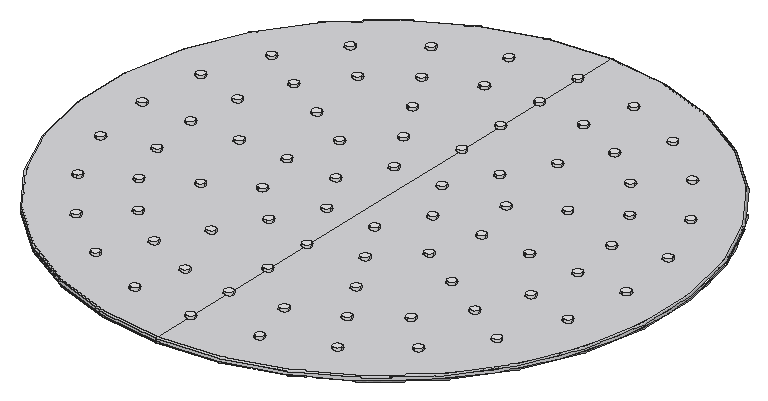
Revit family "Shower-Showerhead-KOHLER-Xpress-K-73039M", category Plumbing Fixtures, host Face, Revit 2015
Parameters (values of type "CP-Polished Chrome")
  Width = 10"  # constant formula
  WaterSense Certified = 1 = 0  # no
  Waste Water Outlet = "Waste Water Outlet"  # constant formula
  Waste Connection = 1 = 0  # no
  Vent Connection = 1 = 0  # no
  URL = "https://la.kohler.com/en?country=MX"
  Tempered Water Inlet = "Tempered Water Inlet"  # constant formula
  Product Page URL = "https://la.kohler.com/en/product-detail/73039m-l?skuid=K-73039M-L-CP"
  Product Name = "Xpress"  # constant formula
  Product Documentation Link = "http://resources.kohler.com/plumbing/kohlerla/pdf/ri_99888t_l_cp.pdf"
  Panel Thickness = 0"
  Model = "K-73039M-L-CP"  # constant formula
  Material = "Premium Metal Construction"  # constant formula
  MasterFormat 2004 = "22.41.23"  # constant formula
  MasterFormat 1995 = "15410"  # constant formula
  Manufacturer Address = "444 Highland Dr, Kohler, WI 53044"  # constant formula
  Manufacturer = "KOHLER Co."  # constant formula
  Length = 10"  # constant formula
  Hot Water Inlet = "Hot Water Inlet"  # constant formula
  Height = 2 89/256"  # constant formula
  HW Connection = 1 = 1  # yes
  Finish = Kohler-Metal-CP-Polished_Chrome
  Environmental Product Declaration = ""
  Drain Included = 1 = 0  # no
  Description = "254mm round thin showerhead"  # constant formula
  Default Elevation = 0"
  Declare Label = ""
  Date Modified = "08/01/2019"  # constant formula
  Date Created = "08/01/2019"  # constant formula
  Copyright = "Copyright KOHLER Co."  # constant formula
  Contact Us = "https://la.kohler.com/en/contact-us-page"
  Cold Water Inlet = "Cold Water Inlet"  # constant formula
  CW Connection = 1 = 0  # no
  Assembly Code = "D2010700"
  ADA Compliant = 1 = 0  # no
Reference planes (in)
  plane 1 "Center (Front/Back)": y = 0
  plane 2: z = 0
  plane 3 "Center (Left/Right)": x = 0
  plane 4: y = 5
  plane 5: x = -5
  plane 6: x = 5
  plane 7: y = -5
  plane 8: z = 2.34766
  plane 9: z = 2.38354
Dimensions and locks (in)
  "Length": plane 5 to plane 6
  "Width": plane 7 to plane 4
  "Height": plane 8 to level
  aligned and locked: plane 2 to host face
  aligned and locked: level to host face
  aligned and locked: plane 8 to nested 1
Automatic sketch dimensions
  host sketch curve to host sketch curve = 96"  (x2)
Nested families (in)
  nested 1: "K-73039M" at (0, 0, 0), type "K-73039M"
Connectors (in)
  piping at (0, 0, 0.013), diameter 0.5, driven by "HW Connection", driven by "Tempered Water Inlet"
    settings: on nested 1, index 1, connector inside diameter 24", connector length 0", flow factor 0, pipe flow 0 GPM, pressure drop 0.00 psi, fitting loss kfactor 0, connector angle 0.00°, fixture units 0, engagement length 0", angle of deflection 0.00°, flow configuration 0, flow direction 1, fitting loss method 0, system type 19, joint type 0, gender type 0, connector reference index -1, connector utility 1, adjustable connector no, is connector primary yes, connector description "Tempered Water Inlet"
Definition of nested family "K-73039M"
  Parameters (values of type "K-73039M")
    Material = none
    Height = 2 89/256"  # constant formula
  Reference planes (in)
    plane 1 "Center (Front/Back)": y = 0
    plane 2: z = 0
    plane 3 "Center (Left/Right)": x = 0
    plane 4: x = -5
    plane 5: y = -5
    plane 6: y = 5
    plane 7: z = 2.34766
    plane 8: x = 5
    plane 9: z = 2.38354
  Forms (in)
    Revolve 1, solid, material <- "Material", detail levels medium+fine
      sketch origin (0, 0, 0) x (0, 1, 0) y (0, 0, 1)
        loop
          line (0, 0) -> (0.47626, 0)
          arc (0.47626, 0) -> (0.49029, 0.00581) -> (0.49611, 0.01985) r 0.01985
          line (0.49611, 0.01985) -> (0.49611, 0.5393)
          arc (0.49611, 0.5393) -> (0.45674, 0.66672) -> (0.35235, 0.74972) r 0.22588
          arc (0.35235, 0.74972) -> (0.30913, 0.80453) -> (0.33594, 0.86898) r 0.06893
          arc (0.33594, 0.86898) -> (0.39014, 0.91813) -> (0.43457, 0.97627) r 0.40314
          line (0.43457, 0.97627) -> (0.71805, 0.97627) -> (0.71805, 2.05705) -> (4.01801, 2.05705)
          arc (4.01801, 2.05705) -> (4.09923, 2.0638) -> (4.17822, 2.08386) r 0.49209
          line (4.17822, 2.08386) -> (4.6135, 2.23374)
          arc (4.6135, 2.23374) -> (4.67044, 2.2482) -> (4.72899, 2.25307) r 0.35472
          line (4.72899, 2.25307) -> (4.97971, 2.25307)
          arc (4.97971, 2.25307) -> (4.99406, 2.25901) -> (5, 2.27336) r 0.02029
          line (5, 2.27336) -> (5, 2.32718)
          arc (5, 2.32718) -> (4.994, 2.34166) -> (4.97952, 2.34766) r 0.02048
          line (4.97952, 2.34766) -> (0, 2.34766) -> (0, 0)
        axis (0, 0) -> (0, 2.34766)
      angle from 0 to 360
    Extrusion 2, void
      sketch origin (0, 0, 0) x (0, 1, 0) y (0, 0, 1)
        loop
          line (0.68946, 0.96526) -> (0.73837, 0.96526) -> (0.73837, 1.44892) -> (0.68946, 1.44892) -> (0.68946, 0.96526)
        loop
          line (-0.68946, 0.96526) -> (-0.68946, 1.44892) -> (-0.73837, 1.44892) -> (-0.73837, 0.96526) -> (-0.68946, 0.96526)
      from -0.91683 to 0.97123
    Extrusion 3, void
      sketch origin (0, 0, 0) x (1, 0, 0) y (0, 0, 1)
        loop
          line (0.45664, 0.16946) -> (0.53148, 0.09462) -> (0.53148, 0.72622) -> (0.45664, 0.72622) -> (0.45664, 0.16946)
        loop
          line (-0.45664, 0.16946) -> (-0.45664, 0.72622) -> (-0.53148, 0.72622) -> (-0.53148, 0.09462) -> (-0.45664, 0.16946)
      from -3 to 3
    Extrusion 4, solid, detail levels medium+fine
      sketch origin (0, 0, 0) x (1, 0, 0) y (0, 1, 0)
        loop
          circle (-0.00011, 4.2518) r 0.07179
        loop
          circle (-1.09641, 4.10685) r 0.07179
        loop
          circle (-2.1239, 3.68354) r 0.07179
        loop
          circle (-3.00461, 3.00753) r 0.07179
        loop
          circle (-3.68042, 2.12683) r 0.07179
        loop
          circle (-4.1057, 1.10028) r 0.07179
        loop
          circle (-4.25035, -0.00073) r 0.07179
        loop
          circle (-3.39829, 0.00077) r 0.07179
        loop
          circle (-3.28478, 0.88258) r 0.07179
        loop
          circle (-2.94793, 1.69923) r 0.07179
        loop
          circle (-2.39579, 2.40594) r 0.07179
        loop
          circle (-1.69504, 2.93399) r 0.07179
        loop
          circle (-0.87075, 3.28388) r 0.07179
        loop
          circle (0, 3.40626) r 0.07179
        loop
          circle (-1.27271, 2.20951) r 0.07179
        loop
          circle (-2.20591, 1.27632) r 0.07179
        loop
          circle (-2.5479, 0) r 0.07179
        loop
          circle (-1.46501, 0.84604) r 0.07179
        loop
          circle (-1.70761, 0) r 0.07179
        loop
          circle (-0.84996, 0) r 0.07179
        loop
          circle (-0.42143, 0.74223) r 0.07179
        loop
          circle (-0.84532, 1.47642) r 0.07179
        loop
          circle (0, 1.70293) r 0.07179
        loop
          circle (0, 2.55396) r 0.07179
        loop
          circle (1.09641, 4.10685) r 0.07179
        loop
          circle (2.1239, 3.68354) r 0.07179
        loop
          circle (3.00461, 3.00753) r 0.07179
        loop
          circle (3.68042, 2.12683) r 0.07179
        loop
          circle (4.1057, 1.10028) r 0.07179
        loop
          circle (3.28478, 0.88258) r 0.07179
        loop
          circle (2.94793, 1.69923) r 0.07179
        loop
          circle (2.39579, 2.40594) r 0.07179
        loop
          circle (1.69504, 2.93399) r 0.07179
        loop
          circle (0.87075, 3.28388) r 0.07179
        loop
          circle (1.27271, 2.20951) r 0.07179
        loop
          circle (2.20591, 1.27632) r 0.07179
        loop
          circle (1.46501, 0.84604) r 0.07179
        loop
          circle (0.42143, 0.74223) r 0.07179
        loop
          circle (0.84532, 1.47642) r 0.07179
        loop
          circle (-0.00011, -4.2518) r 0.07179
        loop
          circle (-1.09641, -4.10685) r 0.07179
        loop
          circle (-2.1239, -3.68354) r 0.07179
        loop
          circle (-3.00461, -3.00753) r 0.07179
        loop
          circle (-3.68042, -2.12683) r 0.07179
        loop
          circle (-4.1057, -1.10028) r 0.07179
        loop
          circle (-3.28478, -0.88258) r 0.07179
        loop
          circle (-2.94793, -1.69923) r 0.07179
        loop
          circle (-2.39579, -2.40594) r 0.07179
        loop
          circle (-1.69504, -2.93399) r 0.07179
        loop
          circle (-0.87075, -3.28388) r 0.07179
        loop
          circle (0, -3.40626) r 0.07179
        loop
          circle (-1.27271, -2.20951) r 0.07179
        loop
          circle (-2.20591, -1.27632) r 0.07179
        loop
          circle (-1.46501, -0.84604) r 0.07179
        loop
          circle (-0.42143, -0.74223) r 0.07179
        loop
          circle (-0.84532, -1.47642) r 0.07179
        loop
          circle (0, -1.70293) r 0.07179
        loop
          circle (0, -2.55396) r 0.07179
        loop
          circle (1.09641, -4.10685) r 0.07179
        loop
          circle (2.1239, -3.68354) r 0.07179
        loop
          circle (3.00461, -3.00753) r 0.07179
        loop
          circle (3.68042, -2.12683) r 0.07179
        loop
          circle (4.1057, -1.10028) r 0.07179
        loop
          circle (3.28478, -0.88258) r 0.07179
        loop
          circle (2.94793, -1.69923) r 0.07179
        loop
          circle (2.39579, -2.40594) r 0.07179
        loop
          circle (1.69504, -2.93399) r 0.07179
        loop
          circle (0.87075, -3.28388) r 0.07179
        loop
          circle (1.27271, -2.20951) r 0.07179
        loop
          circle (2.20591, -1.27632) r 0.07179
        loop
          circle (1.46501, -0.84604) r 0.07179
        loop
          circle (0.42143, -0.74223) r 0.07179
        loop
          circle (0.84532, -1.47642) r 0.07179
        loop
          circle (4.25035, -0.00073) r 0.07179
        loop
          circle (3.39829, 0.00077) r 0.07179
        loop
          circle (2.5479, 0) r 0.07179
        loop
          circle (1.70761, 0) r 0.07179
        loop
          circle (0.84996, 0) r 0.07179
      from 2.29277 to 2.38234
    Extrusion 5, void
      sketch origin (0, 0, 0) x (1, 0, 0) y (0, 1, 0)
        loop
          circle (-0.00011, 4.2518) r 0.08263
        loop
          circle (-1.09641, 4.10685) r 0.08263
        loop
          circle (-2.1239, 3.68354) r 0.08263
        loop
          circle (-3.00461, 3.00753) r 0.08263
        loop
          circle (-3.68042, 2.12683) r 0.08263
        loop
          circle (-4.1057, 1.10028) r 0.08263
        loop
          circle (-4.25035, -0.00073) r 0.08263
        loop
          circle (-3.39829, 0.00077) r 0.08263
        loop
          circle (-2.5479, 0) r 0.08263
        loop
          circle (-1.70761, 0) r 0.08263
        loop
          circle (-0.84996, 0) r 0.08263
        loop
          circle (-0.42143, 0.74223) r 0.08263
        loop
          circle (-1.46501, 0.84604) r 0.08263
        loop
          circle (-2.20591, 1.27632) r 0.08263
        loop
          circle (-3.28478, 0.88258) r 0.08263
        loop
          circle (-2.94793, 1.69923) r 0.08263
        loop
          circle (-2.39579, 2.40594) r 0.08263
        loop
          circle (-1.69504, 2.93399) r 0.08263
        loop
          circle (-1.27271, 2.20951) r 0.08263
        loop
          circle (-0.84532, 1.47642) r 0.08263
        loop
          circle (0, 1.70293) r 0.08263
        loop
          circle (0, 2.55396) r 0.08263
        loop
          circle (0, 3.40626) r 0.08263
        loop
          circle (-0.87075, 3.28388) r 0.08263
        loop
          circle (1.09641, 4.10685) r 0.08263
        loop
          circle (2.1239, 3.68354) r 0.08263
        loop
          circle (3.00461, 3.00753) r 0.08263
        loop
          circle (3.68042, 2.12683) r 0.08263
        loop
          circle (4.1057, 1.10028) r 0.08263
        loop
          circle (0.42143, 0.74223) r 0.08263
        loop
          circle (1.46501, 0.84604) r 0.08263
        loop
          circle (2.20591, 1.27632) r 0.08263
        loop
          circle (3.28478, 0.88258) r 0.08263
        loop
          circle (2.94793, 1.69923) r 0.08263
        loop
          circle (2.39579, 2.40594) r 0.08263
        loop
          circle (1.69504, 2.93399) r 0.08263
        loop
          circle (1.27271, 2.20951) r 0.08263
        loop
          circle (0.84532, 1.47642) r 0.08263
        loop
          circle (0.87075, 3.28388) r 0.08263
        loop
          circle (-0.00011, -4.2518) r 0.08263
        loop
          circle (-1.09641, -4.10685) r 0.08263
        loop
          circle (-2.1239, -3.68354) r 0.08263
        loop
          circle (-3.00461, -3.00753) r 0.08263
        loop
          circle (-3.68042, -2.12683) r 0.08263
        loop
          circle (-4.1057, -1.10028) r 0.08263
        loop
          circle (-0.42143, -0.74223) r 0.08263
        loop
          circle (-1.46501, -0.84604) r 0.08263
        loop
          circle (-2.20591, -1.27632) r 0.08263
        loop
          circle (-3.28478, -0.88258) r 0.08263
        loop
          circle (-2.94793, -1.69923) r 0.08263
        loop
          circle (-2.39579, -2.40594) r 0.08263
        loop
          circle (-1.69504, -2.93399) r 0.08263
        loop
          circle (-1.27271, -2.20951) r 0.08263
        loop
          circle (-0.84532, -1.47642) r 0.08263
        loop
          circle (0, -1.70293) r 0.08263
        loop
          circle (0, -2.55396) r 0.08263
        loop
          circle (0, -3.40626) r 0.08263
        loop
          circle (-0.87075, -3.28388) r 0.08263
        loop
          circle (1.09641, -4.10685) r 0.08263
        loop
          circle (2.1239, -3.68354) r 0.08263
        loop
          circle (3.00461, -3.00753) r 0.08263
        loop
          circle (3.68042, -2.12683) r 0.08263
        loop
          circle (4.1057, -1.10028) r 0.08263
        loop
          circle (0.42143, -0.74223) r 0.08263
        loop
          circle (1.46501, -0.84604) r 0.08263
        loop
          circle (2.20591, -1.27632) r 0.08263
        loop
          circle (3.28478, -0.88258) r 0.08263
        loop
          circle (2.94793, -1.69923) r 0.08263
        loop
          circle (2.39579, -2.40594) r 0.08263
        loop
          circle (1.69504, -2.93399) r 0.08263
        loop
          circle (1.27271, -2.20951) r 0.08263
        loop
          circle (0.84532, -1.47642) r 0.08263
        loop
          circle (0.87075, -3.28388) r 0.08263
        loop
          circle (4.25035, -0.00073) r 0.08263
        loop
          circle (3.39829, 0.00077) r 0.08263
        loop
          circle (2.5479, 0) r 0.08263
        loop
          circle (1.70761, 0) r 0.08263
        loop
          circle (0.84996, 0) r 0.08263
      from 2.23685 to 2.46278
    Revolve 6, solid, material <- "Material", detail levels coarse
      sketch origin (0, 0, 0) x (0, 1, 0) y (0, 0, 1)
        loop
          line (0, 0) -> (0.47626, 0)
          arc (0.47626, 0) -> (0.49029, 0.00581) -> (0.49611, 0.01985) r 0.01985
          line (0.49611, 0.01985) -> (0.49611, 0.97627) -> (0.71805, 0.97627) -> (0.71805, 2.05705) -> (5, 2.05705) -> (5, 2.34766) -> (0, 2.34766) -> (0, 0)
        axis (0, 0) -> (0, 2.34766)
      angle from 0 to 360
    Extrusion 7, solid, material <- "Material", detail levels medium+fine
      sketch origin (0, 0, 0) x (1, 0, 0) y (0, 1, 0)
        loop
          circle (0, 0) r 0.05665
      from 0.00001 to 0.013
  Cuts and joins
    Extrusion 2, Extrusion 3, Extrusion 5 cuts Revolve 1
  Lines and regions (in)
    Masking region 1
      outline origin (0, 0, 0) x (1, 0, 0) y (0, 1, 0)
        loop
          circle (0, 0) r 5
    Masking region 2
      outline origin (0, 0, 0) x (1, 0, 0) y (0, 0, 1)
        loop
          line (0, 0) -> (0.47626, 0)
          arc (0.47626, 0) -> (0.49029, 0.00581) -> (0.49611, 0.01985) r 0.01985
          line (0.49611, 0.01985) -> (0.49611, 0.12999) -> (0.45664, 0.16946) -> (0.45664, 0.66686)
          arc (0.45664, 0.66686) -> (0.41074, 0.71615) -> (0.35235, 0.74972) r 0.22588
          arc (0.35235, 0.74972) -> (0.30913, 0.80453) -> (0.33594, 0.86898) r 0.06893
          arc (0.33594, 0.86898) -> (0.39014, 0.91813) -> (0.43457, 0.97627) r 0.40314
          line (0.43457, 0.97627) -> (0.71805, 0.97627) -> (0.71805, 2.05705) -> (4.0159, 2.05705)
          arc (4.0159, 2.05705) -> (4.09311, 2.06295) -> (4.16851, 2.08052) r 0.50794
          line (4.16851, 2.08052) -> (4.60411, 2.23051)
          arc (4.60411, 2.23051) -> (4.65895, 2.24544) -> (4.71527, 2.25307) r 0.43285
          line (4.71527, 2.25307) -> (4.97971, 2.25307)
          arc (4.97971, 2.25307) -> (4.99406, 2.25901) -> (5, 2.27336) r 0.02029
          line (5, 2.27336) -> (5, 2.32718)
          arc (5, 2.32718) -> (4.994, 2.34166) -> (4.97952, 2.34766) r 0.02048
          line (4.97952, 2.34766) -> (4.32213, 2.34766) -> (4.32213, 2.38354) -> (4.03392, 2.38354) -> (4.03392, 2.34766) -> (3.75341, 2.34766) -> (3.75341, 2.38354) -> (3.60863, 2.38354) -> (3.60863, 2.34766) -> (3.48091, 2.34766) -> (3.48091, 2.38354) -> (3.19269, 2.38354) -> (3.19269, 2.34766) -> (3.06542, 2.34766) -> (3.06542, 2.38354) -> (2.92064, 2.38354) -> (2.92064, 2.34766) -> (2.61281, 2.34766) -> (2.61281, 2.38354) -> (2.32459, 2.38354) -> (2.32459, 2.34766) -> (2.26584, 2.34766) -> (2.26584, 2.38354) -> (1.97762, 2.38354) -> (1.97762, 2.34766) -> (1.77767, 2.34766) -> (1.77767, 2.38354) -> (1.63289, 2.38354) -> (1.63289, 2.34766) -> (1.53752, 2.34766) -> (1.53752, 2.38354) -> (1.39274, 2.38354) -> (1.39274, 2.34766) -> (1.3461, 2.34766) -> (1.3461, 2.38354) -> (1.20132, 2.38354) -> (1.20132, 2.34766) -> (1.17033, 2.34766) -> (1.17033, 2.38354) -> (1.02555, 2.38354) -> (1.02555, 2.34766) -> (0.94316, 2.34766) -> (0.94316, 2.38354) -> (0.79838, 2.38354) -> (0.79838, 2.34766) -> (0.4965, 2.34766) -> (0.4965, 2.38354) -> (0.35172, 2.38354) -> (0.35172, 2.34766) -> (0.07418, 2.34766) -> (0.07418, 2.38354) -> (-0.0706, 2.38354) -> (-0.0706, 2.34766) -> (-0.35172, 2.34766) -> (-0.35172, 2.38354) -> (-0.4965, 2.38354) -> (-0.4965, 2.34766) -> (-0.79838, 2.34766) -> (-0.79838, 2.38354) -> (-0.94316, 2.38354) -> (-0.94316, 2.34766) -> (-1.02555, 2.34766) -> (-1.02555, 2.38354) -> (-1.17033, 2.38354) -> (-1.17033, 2.34766) -> (-1.20132, 2.34766) -> (-1.20132, 2.38354) -> (-1.3461, 2.38354) -> (-1.3461, 2.34766) -> (-1.39274, 2.34766) -> (-1.39274, 2.38354) -> (-1.53752, 2.38354) -> (-1.53752, 2.34766) -> (-1.63289, 2.34766) -> (-1.63289, 2.38354) -> (-1.77767, 2.38354) -> (-1.77767, 2.34766) -> (-1.97762, 2.34766) -> (-1.97762, 2.38354) -> (-2.26584, 2.38354) -> (-2.26584, 2.34766) -> (-2.32459, 2.34766) -> (-2.32459, 2.38354) -> (-2.61281, 2.38354) -> (-2.61281, 2.34766) -> (-2.92064, 2.34766) -> (-2.92064, 2.38354) -> (-3.06542, 2.38354) -> (-3.06542, 2.34766) -> (-3.19269, 2.34766) -> (-3.19269, 2.38354) -> (-3.48091, 2.38354) -> (-3.48091, 2.34766) -> (-3.60863, 2.34766) -> (-3.60863, 2.38354) -> (-3.75341, 2.38354) -> (-3.75341, 2.34766) -> (-4.03392, 2.34766) -> (-4.03392, 2.38354) -> (-4.32213, 2.38354) -> (-4.32213, 2.34766) -> (-4.97952, 2.34766)
          arc (-4.97952, 2.34766) -> (-4.994, 2.34166) -> (-5, 2.32718) r 0.02048
          line (-5, 2.32718) -> (-5, 2.27336)
          arc (-5, 2.27336) -> (-4.99406, 2.25901) -> (-4.97971, 2.25307) r 0.02029
          line (-4.97971, 2.25307) -> (-4.71527, 2.25307)
          arc (-4.71527, 2.25307) -> (-4.65895, 2.24544) -> (-4.60411, 2.23051) r 0.43285
          line (-4.60411, 2.23051) -> (-4.16851, 2.08052)
          arc (-4.16851, 2.08052) -> (-4.09311, 2.06295) -> (-4.0159, 2.05705) r 0.50794
          line (-4.0159, 2.05705) -> (-0.71805, 2.05705) -> (-0.71805, 0.97627) -> (-0.43457, 0.97627)
          arc (-0.43457, 0.97627) -> (-0.39014, 0.91813) -> (-0.33594, 0.86898) r 0.40314
          arc (-0.33594, 0.86898) -> (-0.30913, 0.80453) -> (-0.35235, 0.74972) r 0.06893
          arc (-0.35235, 0.74972) -> (-0.41074, 0.71615) -> (-0.45664, 0.66686) r 0.22588
          line (-0.45664, 0.66686) -> (-0.45664, 0.16946) -> (-0.49611, 0.12999) -> (-0.49611, 0.01985)
          arc (-0.49611, 0.01985) -> (-0.49029, 0.00581) -> (-0.47626, 0) r 0.01985
          line (-0.47626, 0) -> (0, 0)
    Masking region 3
      outline origin (0, 0, 0) x (0, 1, 0) y (0, 0, 1)
        loop
          line (0, 0) -> (0.47626, 0)
          arc (0.47626, 0) -> (0.49029, 0.00581) -> (0.49611, 0.01985) r 0.01985
          line (0.49611, 0.01985) -> (0.49611, 0.5393)
          arc (0.49611, 0.5393) -> (0.45674, 0.66672) -> (0.35235, 0.74972) r 0.22588
          arc (0.35235, 0.74972) -> (0.30913, 0.80453) -> (0.33594, 0.86898) r 0.06893
          arc (0.33594, 0.86898) -> (0.39014, 0.91813) -> (0.43457, 0.97627) r 0.40314
          line (0.43457, 0.97627) -> (0.68946, 0.97627) -> (0.68946, 1.44892) -> (0.71805, 1.49844) -> (0.71805, 2.05705) -> (4.0159, 2.05705)
          arc (4.0159, 2.05705) -> (4.09311, 2.06295) -> (4.16851, 2.08052) r 0.50794
          line (4.16851, 2.08052) -> (4.60411, 2.23051)
          arc (4.60411, 2.23051) -> (4.65895, 2.24544) -> (4.71527, 2.25307) r 0.43285
          line (4.71527, 2.25307) -> (4.97971, 2.25307)
          arc (4.97971, 2.25307) -> (4.99406, 2.25901) -> (5, 2.27336) r 0.02029
          line (5, 2.27336) -> (5, 2.32718)
          arc (5, 2.32718) -> (4.994, 2.34166) -> (4.97952, 2.34766) r 0.02048
          line (4.97952, 2.34766) -> (4.32213, 2.34766) -> (4.32213, 2.38354) -> (4.03392, 2.38354) -> (4.03392, 2.34766) -> (3.75341, 2.34766) -> (3.75341, 2.38354) -> (3.60863, 2.38354) -> (3.60863, 2.34766) -> (3.48091, 2.34766) -> (3.48091, 2.38354) -> (3.19269, 2.38354) -> (3.19269, 2.34766) -> (3.06542, 2.34766) -> (3.06542, 2.38354) -> (2.92064, 2.38354) -> (2.92064, 2.34766) -> (2.61281, 2.34766) -> (2.61281, 2.38354) -> (2.32459, 2.38354) -> (2.32459, 2.34766) -> (2.26584, 2.34766) -> (2.26584, 2.38354) -> (1.97762, 2.38354) -> (1.97762, 2.34766) -> (1.77767, 2.34766) -> (1.77767, 2.38354) -> (1.63289, 2.38354) -> (1.63289, 2.34766) -> (1.53752, 2.34766) -> (1.53752, 2.38354) -> (1.39274, 2.38354) -> (1.39274, 2.34766) -> (1.3461, 2.34766) -> (1.3461, 2.38354) -> (1.20132, 2.38354) -> (1.20132, 2.34766) -> (1.17033, 2.34766) -> (1.17033, 2.38354) -> (1.02555, 2.38354) -> (1.02555, 2.34766) -> (0.94316, 2.34766) -> (0.94316, 2.38354) -> (0.79838, 2.38354) -> (0.79838, 2.34766) -> (0.4965, 2.34766) -> (0.4965, 2.38354) -> (0.35172, 2.38354) -> (0.35172, 2.34766) -> (0.07418, 2.34766) -> (0.07418, 2.38354) -> (-0.0706, 2.38354) -> (-0.0706, 2.34766) -> (-0.35172, 2.34766) -> (-0.35172, 2.38354) -> (-0.4965, 2.38354) -> (-0.4965, 2.34766) -> (-0.79838, 2.34766) -> (-0.79838, 2.38354) -> (-0.94316, 2.38354) -> (-0.94316, 2.34766) -> (-1.02555, 2.34766) -> (-1.02555, 2.38354) -> (-1.17033, 2.38354) -> (-1.17033, 2.34766) -> (-1.20132, 2.34766) -> (-1.20132, 2.38354) -> (-1.3461, 2.38354) -> (-1.3461, 2.34766) -> (-1.39274, 2.34766) -> (-1.39274, 2.38354) -> (-1.53752, 2.38354) -> (-1.53752, 2.34766) -> (-1.63289, 2.34766) -> (-1.63289, 2.38354) -> (-1.77767, 2.38354) -> (-1.77767, 2.34766) -> (-1.97762, 2.34766) -> (-1.97762, 2.38354) -> (-2.26584, 2.38354) -> (-2.26584, 2.34766) -> (-2.32459, 2.34766) -> (-2.32459, 2.38354) -> (-2.61281, 2.38354) -> (-2.61281, 2.34766) -> (-2.92064, 2.34766) -> (-2.92064, 2.38354) -> (-3.06542, 2.38354) -> (-3.06542, 2.34766) -> (-3.19269, 2.34766) -> (-3.19269, 2.38354) -> (-3.48091, 2.38354) -> (-3.48091, 2.34766) -> (-3.60863, 2.34766) -> (-3.60863, 2.38354) -> (-3.75341, 2.38354) -> (-3.75341, 2.34766) -> (-4.03392, 2.34766) -> (-4.03392, 2.38354) -> (-4.32213, 2.38354) -> (-4.32213, 2.34766) -> (-4.97952, 2.34766)
          arc (-4.97952, 2.34766) -> (-4.994, 2.34166) -> (-5, 2.32718) r 0.02048
          line (-5, 2.32718) -> (-5, 2.27336)
          arc (-5, 2.27336) -> (-4.99406, 2.25901) -> (-4.97971, 2.25307) r 0.02029
          line (-4.97971, 2.25307) -> (-4.71527, 2.25307)
          arc (-4.71527, 2.25307) -> (-4.65895, 2.24544) -> (-4.60411, 2.23051) r 0.43285
          line (-4.60411, 2.23051) -> (-4.16851, 2.08052)
          arc (-4.16851, 2.08052) -> (-4.09311, 2.06295) -> (-4.0159, 2.05705) r 0.50794
          line (-4.0159, 2.05705) -> (-0.71805, 2.05705) -> (-0.71805, 1.49844) -> (-0.68946, 1.44892) -> (-0.68946, 0.97627) -> (-0.43457, 0.97627)
          arc (-0.43457, 0.97627) -> (-0.39014, 0.91813) -> (-0.33594, 0.86898) r 0.40314
          arc (-0.33594, 0.86898) -> (-0.30913, 0.80453) -> (-0.35235, 0.74972) r 0.06893
          arc (-0.35235, 0.74972) -> (-0.45674, 0.66672) -> (-0.49611, 0.5393) r 0.22588
          line (-0.49611, 0.5393) -> (-0.49611, 0.01985)
          arc (-0.49611, 0.01985) -> (-0.49029, 0.00581) -> (-0.47626, 0) r 0.01985
          line (-0.47626, 0) -> (0, 0)
    symbolic lines, detail levels medium+fine
      curve 1: circle (-0.00011, 4.2518, 0) r 0.07179 normal (0, 0, 1)
      curve 2: circle (-1.09641, 4.10685, 0) r 0.07179 normal (0, 0, 1)
      curve 3: circle (-2.1239, 3.68354, 0) r 0.07179 normal (0, 0, 1)
      curve 4: circle (-3.00461, 3.00753, 0) r 0.07179 normal (0, 0, 1)
      curve 5: circle (-3.68042, 2.12683, 0) r 0.07179 normal (0, 0, 1)
      curve 6: circle (-4.1057, 1.10028, 0) r 0.07179 normal (0, 0, 1)
      curve 7: circle (-4.25035, -0.00073, 0) r 0.07179 normal (0, 0, 1)
      curve 8: circle (-3.39829, 0.00077, 0) r 0.07179 normal (0, 0, 1)
      curve 9: circle (-3.28478, 0.88258, 0) r 0.07179 normal (0, 0, 1)
      curve 10: circle (-2.94793, 1.69923, 0) r 0.07179 normal (0, 0, 1)
      curve 11: circle (-2.39579, 2.40594, 0) r 0.07179 normal (0, 0, 1)
      curve 12: circle (-1.69504, 2.93399, 0) r 0.07179 normal (0, 0, 1)
      curve 13: circle (-0.87075, 3.28388, 0) r 0.07179 normal (0, 0, 1)
      curve 14: circle (0, 3.40626, 0) r 0.07179 normal (0, 0, 1)
      curve 15: circle (-1.27271, 2.20951, 0) r 0.07179 normal (0, 0, 1)
      curve 16: circle (-2.20591, 1.27632, 0) r 0.07179 normal (0, 0, 1)
      curve 17: circle (-2.5479, 0, 0) r 0.07179 normal (0, 0, 1)
      curve 18: circle (-1.46501, 0.84604, 0) r 0.07179 normal (0, 0, 1)
      curve 19: circle (-1.70761, 0, 0) r 0.07179 normal (0, 0, 1)
      curve 20: circle (-0.84996, 0, 0) r 0.07179 normal (0, 0, 1)
      curve 21: circle (-0.42143, 0.74223, 0) r 0.07179 normal (0, 0, 1)
      curve 22: circle (-0.84532, 1.47642, 0) r 0.07179 normal (0, 0, 1)
      curve 23: circle (0, 1.70293, 0) r 0.07179 normal (0, 0, 1)
      curve 24: circle (0, 2.55396, 0) r 0.07179 normal (0, 0, 1)
      curve 25: circle (1.09641, 4.10685, 0) r 0.07179 normal (0, 0, -1)
      curve 26: circle (2.1239, 3.68354, 0) r 0.07179 normal (0, 0, -1)
      curve 27: circle (3.00461, 3.00753, 0) r 0.07179 normal (0, 0, -1)
      curve 28: circle (3.68042, 2.12683, 0) r 0.07179 normal (0, 0, -1)
      curve 29: circle (4.1057, 1.10028, 0) r 0.07179 normal (0, 0, -1)
      curve 30: circle (3.28478, 0.88258, 0) r 0.07179 normal (0, 0, -1)
      curve 31: circle (2.94793, 1.69923, 0) r 0.07179 normal (0, 0, -1)
      curve 32: circle (2.39579, 2.40594, 0) r 0.07179 normal (0, 0, -1)
      curve 33: circle (1.69504, 2.93399, 0) r 0.07179 normal (0, 0, -1)
      curve 34: circle (0.87075, 3.28388, 0) r 0.07179 normal (0, 0, -1)
      curve 35: circle (1.27271, 2.20951, 0) r 0.07179 normal (0, 0, -1)
      curve 36: circle (2.20591, 1.27632, 0) r 0.07179 normal (0, 0, -1)
      curve 37: circle (1.46501, 0.84604, 0) r 0.07179 normal (0, 0, -1)
      curve 38: circle (0.42143, 0.74223, 0) r 0.07179 normal (0, 0, -1)
      curve 39: circle (0.84532, 1.47642, 0) r 0.07179 normal (0, 0, -1)
      curve 40: circle (-0.00011, -4.2518, 0) r 0.07179 normal (0, 0, -1)
      curve 41: circle (-1.09641, -4.10685, 0) r 0.07179 normal (0, 0, -1)
      curve 42: circle (-2.1239, -3.68354, 0) r 0.07179 normal (0, 0, -1)
      curve 43: circle (-3.00461, -3.00753, 0) r 0.07179 normal (0, 0, -1)
      curve 44: circle (-3.68042, -2.12683, 0) r 0.07179 normal (0, 0, -1)
      curve 45: circle (-4.1057, -1.10028, 0) r 0.07179 normal (0, 0, -1)
      curve 46: circle (-3.28478, -0.88258, 0) r 0.07179 normal (0, 0, -1)
      curve 47: circle (-2.94793, -1.69923, 0) r 0.07179 normal (0, 0, -1)
      curve 48: circle (-2.39579, -2.40594, 0) r 0.07179 normal (0, 0, -1)
      curve 49: circle (-1.69504, -2.93399, 0) r 0.07179 normal (0, 0, -1)
      curve 50: circle (-0.87075, -3.28388, 0) r 0.07179 normal (0, 0, -1)
      curve 51: circle (0, -3.40626, 0) r 0.07179 normal (0, 0, -1)
      curve 52: circle (-1.27271, -2.20951, 0) r 0.07179 normal (0, 0, -1)
      curve 53: circle (-2.20591, -1.27632, 0) r 0.07179 normal (0, 0, -1)
      curve 54: circle (-1.46501, -0.84604, 0) r 0.07179 normal (0, 0, -1)
      curve 55: circle (-0.42143, -0.74223, 0) r 0.07179 normal (0, 0, -1)
      curve 56: circle (-0.84532, -1.47642, 0) r 0.07179 normal (0, 0, -1)
      curve 57: circle (0, -1.70293, 0) r 0.07179 normal (0, 0, -1)
      curve 58: circle (0, -2.55396, 0) r 0.07179 normal (0, 0, -1)
      curve 59: circle (1.09641, -4.10685, 0) r 0.07179 normal (0, 0, 1)
      curve 60: circle (2.1239, -3.68354, 0) r 0.07179 normal (0, 0, 1)
      curve 61: circle (3.00461, -3.00753, 0) r 0.07179 normal (0, 0, 1)
      curve 62: circle (3.68042, -2.12683, 0) r 0.07179 normal (0, 0, 1)
      curve 63: circle (4.1057, -1.10028, 0) r 0.07179 normal (0, 0, 1)
      curve 64: circle (3.28478, -0.88258, 0) r 0.07179 normal (0, 0, 1)
      curve 65: circle (2.94793, -1.69923, 0) r 0.07179 normal (0, 0, 1)
      curve 66: circle (2.39579, -2.40594, 0) r 0.07179 normal (0, 0, 1)
      curve 67: circle (1.69504, -2.93399, 0) r 0.07179 normal (0, 0, 1)
      curve 68: circle (0.87075, -3.28388, 0) r 0.07179 normal (0, 0, 1)
      curve 69: circle (1.27271, -2.20951, 0) r 0.07179 normal (0, 0, 1)
      curve 70: circle (2.20591, -1.27632, 0) r 0.07179 normal (0, 0, 1)
      curve 71: circle (1.46501, -0.84604, 0) r 0.07179 normal (0, 0, 1)
      curve 72: circle (0.42143, -0.74223, 0) r 0.07179 normal (0, 0, 1)
      curve 73: circle (0.84532, -1.47642, 0) r 0.07179 normal (0, 0, 1)
      curve 74: circle (4.25035, -0.00073, 0) r 0.07179 normal (0, 0, -1)
      curve 75: circle (3.39829, 0.00077, 0) r 0.07179 normal (0, 0, -1)
      curve 76: circle (2.5479, 0, 0) r 0.07179 normal (0, 0, -1)
      curve 77: circle (1.70761, 0, 0) r 0.07179 normal (0, 0, -1)
      curve 78: circle (0.84996, 0, 0) r 0.07179 normal (0, 0, -1)
      curve 79: line (-4.32213, 0, 2.34766) -> (4.32213, 0, 2.34766)
      curve 80: line (4.71527, 0, 2.25307) -> (-4.97971, 0, 2.25307)
      curve 81: line (0.71805, 0, 2.05705) -> (-4.0159, 0, 2.05705)
      curve 82: line (0.43457, 0, 0.97747) -> (-0.43457, 0, 0.97747)
      curve 83: line (-4.16851, 0, 2.08052) -> (4.16851, 0, 2.08052)
      curve 84: line (-0.20059, 0, 0.97747) -> (-0.20059, 0, 1.45012)
      curve 85: line (0.20059, 0, 1.45012) -> (-0.20059, 0, 1.45012)
      curve 86: line (0.20059, 0, 1.45012) -> (0.20059, 0, 0.97747)
      curve 87: line (0, -4.32213, 2.34766) -> (0, 4.32213, 2.34766)
      curve 88: line (0, 4.71527, 2.25307) -> (0, -4.71527, 2.25307)
      curve 89: line (0, -4.16851, 2.08052) -> (0, 4.16851, 2.08052)
      curve 90: line (0, 4.0159, 2.05705) -> (0, -4.0159, 2.05705)
      curve 91: line (0, 0.68946, 0.97627) -> (0, -0.68946, 0.97627)
      curve 92: line (0, -0.19392, 0.16954) -> (0, -0.19392, 0.5393)
      curve 93: line (0, 0.19392, 0.5393) -> (0, 0.19392, 0.16954)
      curve 94: line (0, -0.19392, 0.5393) -> (0, 0.19392, 0.5393)
      curve 95: spline (0, 0.19392, 0.16954) -> (0, 0.16423, 0.15773) -> (0, 0.13313, 0.14793) -> (0, 0.10087, 0.14022) -> (0, 0.06774, 0.13466) -> (0, 0.03402, 0.13131) -> (0, 0, 0.13018) -> (0, -0.03402, 0.13131) -> (0, -0.06774, 0.13466) -> (0, -0.10087, 0.14022) -> (0, -0.13313, 0.14793) -> (0, -0.16423, 0.15773) -> (0, -0.19392, 0.16954)
      curve 96: line (0, 0.33594, 0.86898) -> (0, -0.33594, 0.86898)
      curve 97: line (0, 0.35235, 0.74972) -> (0, -0.35235, 0.74972)
      curve 98: line (0, 0.49611, 0.5393) -> (0, 0.19392, 0.5393)
      curve 99: line (0, -0.19392, 0.5393) -> (0, -0.49611, 0.5393)
      curve 100: line (-0.33594, 0, 0.86898) -> (0.33594, 0, 0.86898)
      curve 101: line (-0.35235, 0, 0.74972) -> (0.35235, 0, 0.74972)
      curve 102: line (-0.45664, 0, 0.5393) -> (0.45664, 0, 0.5393)
  Dimensions and locks (in)
    plane 7 to plane 2 = 2 89/256"
    aligned and locked: plane 2 to level
